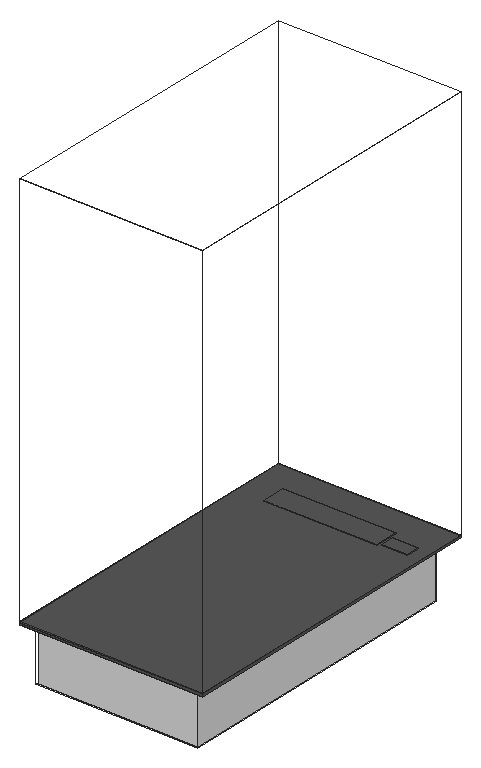
Revit family "CI302ZDTB5-AA-BI-SG-SEA", category Specialty Equipment, Revit 2020
Family settings
  Round Connector Dimension = Use Diameter
  Part Type = Normal
  Work Plane-Based = Yes
  Always vertical = No
  Cut with Voids When Loaded = Yes
  Shared = No
  Room Calculation Point = No
Parameters (values of type "CI302ZDTB5")
  URL = "www.fisherpaykel.com"
  Product - Width = 298.472 mm
  Product - Height = 90 mm
  Product - Depth = 528.472 mm
  Model = "CI302ZDTB5"
  Manufacturer = "Fisher & Paykel Appliances"
  Description = "30cm Series 7 Induction Cooktop"
  Default Elevation = 0 mm
  Clearance - Overhead Rangehood = 650 mm
  Clearance - Below Cooktop = 86 mm
  Cavity - Width = 265 mm
  Cavity - Height = 650 mm
  Cavity - Depth = 490 mm
Reference planes
  plane 1 "Center (Front/Back)": y = 0
  plane 2: z = 0
  plane 3 "Center (Left/Right)": x = 0
  plane 4 "Product - LHS": x = -149.236
  plane 5 "Product - RHS": x = 149.236
  plane 6 "Cavity - RHS": x = 132.5
  plane 7 "Cavity - LHS": x = -132.5
  plane 8 "Product - Depth": y = 528.472
  plane 9 "Cavity - Depth": y = 500
  plane 10 "Product - Height": z = 4
  plane 11 "Cavity - Height": z = 654
  plane 12: y = 10
  plane 13: z = -86
  plane 14: x = 130
  plane 15: x = -130
Forms (mm)
  Extrusion 1, solid, material "Fisher & Paykel - Glass, Black"
    sketch origin (-149.236, 528.472, 0) x (0, 1, 0) y (1, 0, 0)
      loop
        line (-528.472, 298.472) -> (-528.472, 0) -> (0, 0) -> (0, 298.472) -> (-528.472, 298.472)
    from 0 to -4
  Extrusion 2, solid, material "Fisher & Paykel - Glass, Black"
    sketch origin (-149.236, 528.472, 4) x (0, 1, 0) y (-1, 0, 0)
      loop
        line (-86.236, -44.236) -> (-86.236, -229.236) -> (-46.236, -229.236) -> (-46.236, -44.236) -> (-86.236, -44.236)
      loop
        line (-60.236, -234.236) -> (-82.236, -234.236) -> (-82.236, -276.236) -> (-60.236, -276.236) -> (-60.236, -234.236)
    from 0 to -2.95
  Extrusion 3, solid, not visible
    sketch origin (-149.236, 268.236, 0) x (0, 1, 0) y (1, 0, 0)
      loop
        line (-528.472, 298.472) -> (-528.472, 0) -> (0, 0) -> (0, 298.472) -> (-528.472, 298.472)
    from 0 to -4
  Extrusion 4, solid, not visible
    sketch origin (-149.236, 268.236, 4) x (0, 1, 0) y (-1, 0, 0)
      loop
        line (-86.236, -44.236) -> (-86.236, -229.236) -> (-46.236, -229.236) -> (-46.236, -44.236) -> (-86.236, -44.236)
      loop
        line (-60.236, -234.236) -> (-82.236, -234.236) -> (-82.236, -276.236) -> (-60.236, -276.236) -> (-60.236, -234.236)
    from 0 to -2.95
  Extrusion 5, solid, material "Fisher & Paykel - Clearance Required"
    sketch origin (-149.236, 528.472, 4) x (0, 1, 0) y (-1, 0, 0)
      loop
        line (-28.472, -16.736) -> (-518.472, -16.736) -> (-518.472, -281.736) -> (-28.472, -281.736) -> (-28.472, -16.736)
    from -4 to -90
  Extrusion 6, void
    sketch origin (-149.236, 528.472, 4) x (0, 1, 0) y (-1, 0, 0)
      loop
        line (-28.472, -16.736) -> (-518.472, -16.736) -> (-518.472, -281.736) -> (-28.472, -281.736) -> (-28.472, -16.736)
    from -4 to -90
  Extrusion 7, solid, material "Fisher & Paykel - Clearance Required (Rangehood)"
    sketch origin (0, 2.483, 4) x (1, 0, 0) y (0, 1, 0)
      loop
        line (-149.764, -2.483) -> (150.236, -2.482) -> (150.236, 525.989) -> (-149.764, 525.99) -> (-149.764, -2.483)
    from 0 to 650
  Extrusion 8, solid, material "Fisher & Paykel - Steel Galvanized"
    sketch origin (0, 2.483, 0) x (1, 0, 0) y (0, 1, 0)
      loop
        line (-130, 496.27) -> (-130, 11.27) -> (130, 11.27) -> (130, 496.27) -> (-130, 496.27)
    from 0 to -86
Dimensions and locks
  "Product - Width": plane 4 "Product - LHS" to plane 5 "Product - RHS"
  equal spacing: plane 4 "Product - LHS", plane 3 "Center (Left/Right)", plane 5 "Product - RHS"
  "Cavity - Width": plane 7 "Cavity - LHS" to plane 6 "Cavity - RHS"
  "Cavity - Depth": plane 9 "Cavity - Depth" to plane 12
  "Product - Depth": plane 8 "Product - Depth" to plane 1 "Center (Front/Back)"
  "Product - Height": plane 10 "Product - Height" to plane 13
  equal spacing: plane 7 "Cavity - LHS", plane 3 "Center (Left/Right)", plane 6 "Cavity - RHS"
  "Clearance - Below Cooktop": plane 2 to plane 13
  "Clearance - Overhead Rangehood": plane 11 "Cavity - Height" to plane 10 "Product - Height"
  aligned and locked: level to plane 2
  aligned and locked: Extrusion 5 sketch curve to plane 7 "Cavity - LHS"
  aligned and locked: Extrusion 5 sketch curve to plane 9 "Cavity - Depth"
  aligned and locked: Extrusion 5 sketch curve to plane 6 "Cavity - RHS"
  aligned and locked: Extrusion 5 sketch curve to plane 12
  aligned and locked: Extrusion 6 to plane 13
  aligned and locked: Extrusion 5 to Extrusion 6
  aligned and locked: plane 11 "Cavity - Height" to Extrusion 7
  aligned and locked: Extrusion 8 sketch curve to plane 14
  aligned and locked: plane 15 to Extrusion 8 sketch curve
  aligned and locked: Extrusion 6 to Extrusion 1
  aligned and locked: Extrusion 5 to Extrusion 1
Automatic sketch dimensions
  Extrusion 4 sketch curve to Extrusion 3 = 86.236 mm
  Extrusion 4 sketch curve to Extrusion 4 sketch curve = 40 mm
  Extrusion 4 sketch curve to Extrusion 3 = 69.236 mm
  Extrusion 4 sketch curve to Extrusion 3 = 44.236 mm
  Extrusion 4 sketch curve to Extrusion 4 sketch curve = 4 mm
  Extrusion 4 sketch curve to Extrusion 4 sketch curve = 14 mm
  Extrusion 4 sketch curve to Extrusion 4 sketch curve = 5 mm
  Extrusion 4 sketch curve to Extrusion 3 = 22.236 mm
  Extrusion 3 sketch curve to Extrusion 3 sketch curve = 0 mm  (x3)
  Extrusion 3 sketch curve to Extrusion 3 sketch curve = 528.472 mm
  Extrusion 3 sketch curve to Extrusion 3 sketch curve = 298.472 mm  (x2)
  plane 1 "Center (Front/Back)" to Extrusion 1 sketch curve = 0 mm
  Extrusion 1 sketch curve to plane 1 "Center (Front/Back)" = 0 mm
  Extrusion 1 sketch curve to plane 8 "Product - Depth" = 0 mm
  plane 8 "Product - Depth" to Extrusion 1 sketch curve = 0 mm
  plane 5 "Product - RHS" to Extrusion 1 sketch curve = 0 mm
  Extrusion 1 sketch curve to plane 5 "Product - RHS" = 0 mm
  plane 4 "Product - LHS" to Extrusion 1 sketch curve = 0 mm  (x2)
  Extrusion 2 sketch curve to Extrusion 1 = 86.236 mm
  Extrusion 2 sketch curve to Extrusion 2 sketch curve = 4 mm
  Extrusion 2 sketch curve to Extrusion 2 sketch curve = 22 mm
  Extrusion 2 sketch curve to Extrusion 2 sketch curve = 40 mm
  Extrusion 2 sketch curve to Extrusion 1 = 22.236 mm
  Extrusion 2 sketch curve to Extrusion 2 sketch curve = 42 mm
  Extrusion 2 sketch curve to Extrusion 2 sketch curve = 5 mm
  Extrusion 2 sketch curve to Extrusion 1 = 44.236 mm
  Extrusion 6 sketch curve to Extrusion 1 = 10 mm
  Extrusion 6 sketch curve to Extrusion 1 = 28.472 mm
  Extrusion 6 sketch curve to Extrusion 1 = 16.736 mm  (x2)
  plane 1 "Center (Front/Back)" to Extrusion 7 sketch curve = 0 mm
  Extrusion 7 sketch curve to plane 4 "Product - LHS" = 0.528 mm
  Extrusion 7 sketch curve to plane 1 "Center (Front/Back)" = 0 mm
  plane 5 "Product - RHS" to Extrusion 7 sketch curve = 1 mm
  Extrusion 7 sketch curve to plane 8 "Product - Depth" = 0 mm
  plane 8 "Product - Depth" to Extrusion 7 sketch curve = 0 mm
  plane 12 to Extrusion 8 sketch curve = 3.752 mm
  Extrusion 8 sketch curve to plane 9 "Cavity - Depth" = 1.248 mm
